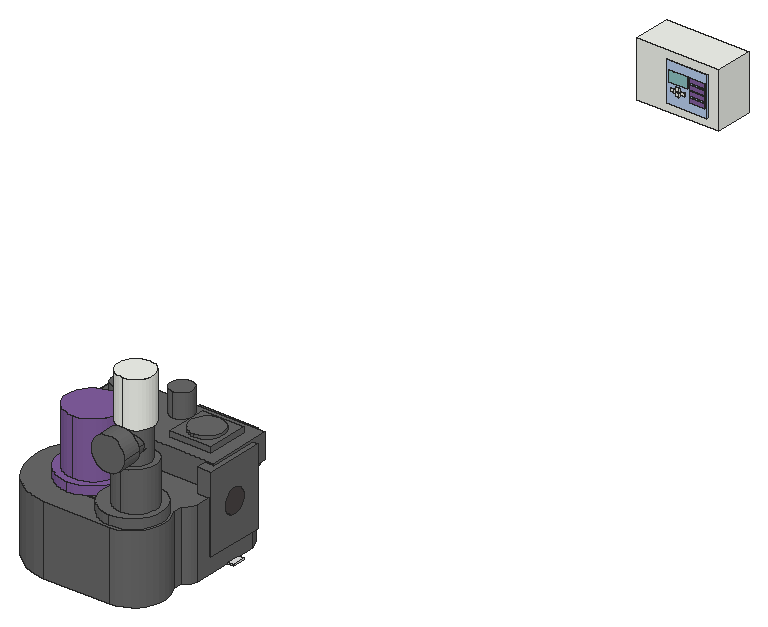
Revit family "28753", category Generic Models, Revit 2021
Family settings
  Can host rebar = No
  Round Connector Dimension = Use Diameter
  Part Type = Normal
  Work Plane-Based = No
  Always vertical = Yes
  Cut with Voids When Loaded = No
  Shared = Yes
  Room Calculation Point = No
Parameters (values of type "28753")
  SUPPLIER = "KESSEL"
  SA700ID50 = "intern"
  SA700ID49 = "Protection Class I"
  SA700ID48 = "no"
  SA700ID47 = "no"
  SA700ID46 = "yes"
  SA700ID37 = 8000 mm
  SA700ID34 = 40
  SA700ID33 = 1.4 W
  SA700ID32 = 42.00 kg
  SA700ID31 = 1
  SA700ID30 = 1
  SA700ID29 = "RWDR"
  SA700ID21 = 800
  SA700ID10 = "yes"
  SA700ID08 = 400 V
  PROCUREWEBLINK = "https://p.caden.as/kessel/28753"
  PROCURELINK = "p.caden.as/kessel/28753"
  PROCUREDATALASTUPDATE = "2024-05-22T12:17:46.717436968+01:00"
  PRC_SPECIFICATIONLINK = "https://ausschreiben.de/catalog/kessel/catalogItem/0d1bab02-330d-4be1-b0ce-ac182ae1252e"
  NN = "Lifting station Aqualift F"
  NBSYN = "$SA810ID03."
  NB = "28753"
  Model = "28753"
  Manufacturer = "KESSEL"
  MIdent = "{$CADENAS_DATA/23d-libs/kessel/kessel_vdi_import/4/entwaesserung/hebeanlage20aqualift20f.prj},198 {STYP=ASS},{VTYP=3D},{NB=28753},{LINA=28753},{NN=Lifting station Aqualift F},{DATE=21.11.2022 10:45:45},{GEOMDATE=21.11.2022 10:45:45},{VERSION=},{LINEID=290},{WBVAR=LODLEVEL},{WBNUMERIC=LODLEVEL}  {NB=28753},{LINA=28753},{KT=DUMMY},{PREVIEW=../../bilder/ksb_w_28753.png},{SA700ID04=Hebeanlage Aqualift F, Mono, Comfort, SPF 1500-S3, Schieber},{SA810ID06=04026092054536},{SA700ID34=40.00},{SA010ID03=201805},{SA810ID03=28753},{SA810ID10=Die Hebeanlage für fäkalienhaltiges und fäkalienfreies Abwasser ist mit einer überflutbaren Pumpe sowie einem Rückflussverhinderer ausgestattet. Der Sammelbehälter aus dauerhaft beständigem Kunststoff (PE) bietet universale Anschlussmöglichkeiten und hat eine verschraubte Reinigungsöffnung.Die Steuerung erfolgt durch ein anwenderfreundliches Schaltgerät, das optional über einen potentialfreien Kontakt in die Gebäudeleittechnik eingebunden werden oder Alarm- und Sammelstörmeldungen über eine GSM-Schnittstelle (Comfort Schaltgerät) ausgeben kann.Ausführung:Absperreinrichtung: Schieber aus KunststoffAnlagenart: EinzelanlagePumpensteuerung: SchaltgerätRückflussverhinderer: integriertSchalldämmmatte: jaEinbausituation: freie AufstellungAbwasserart: fäkalienhaltigAllgemeine Merkmale:Farbe: schwarzNorm: EN 12050-1Abmessungen:Länge: 564 mmBreite: 525 mmHöhe: 664 mmBehälter/Grundkörper:Zulauf Anzahl: 1 STZulauf Nennweite (DN): 100 mmZulauf Nennweite (DA): 110 mmZulauf max. Anbohrung (DN): 150 mmAbstand Rohrsohle Zulauf zu Behälterboden: 125 mmAbstand Rohrmitte Auslauf zu Behälterboden: 466 mmAbstand Rohrmitte Zulauf zu Behälterboden: 180 mmAnschluss für Handmembranpumpe (DN): 32Behältervolumen: 50 lDruckabgang: waagerechtDruckabgang (DA): 110 mmDruckabgang (DN): 100 mmEntlüftungsanschluss (DN): 70 mmNutzvolumen: 20 lFreier Kugeldurchgang: 40 mmFördereinrichtung:Pumpe: SPF 1500Anzahl Pumpen: 1Förderhöhe max.: 8 mFörderleistung max.: 40 m3/hBetriebsart: S3 - 50 %Leistung P1: 1,4 kWLeistung P2: 1,1 kWDrehzahl: 1.415 U/minFörderguttemperatur (dauerhaft) max.: 40 °CAnschlusstyp: DirektanschlussGewicht: 24 kgLaufrad Typ: FreistromradLänge Netzanschlussleitung Pumpe: 5 mNennstrom: 2,7 ASchutzart Pumpe: IP 68 (3m/48h)Schutzklasse: ITyp Anschlussleitung Pumpe: H07RN-F 7G 1,5 mm2Temperaturüberwachung: integriertSteuerung:Schaltgerät: ComfortBetriebsspannung: 400 VNetzfrequenz: 50 HzSelbstdiagnosesystem (SDS): jaBatteriepufferung: jaMehrzeilige Displayanzeige: jaLogbuchfunktion: jaGSM-Schnittstelle: jaPotentialfreier Kontakt: jaErforderliche Absicherung (Leitungsschutz): 3 x C 16 AMotorschutz Schalter: jaSchutzart Schaltgerät: IP 54Länge Netzanschlussleitung Schaltgerät: 0 mArt Niveauerfassung: pneumatischInstrument Niveauerfassung: TauchrohrAlarmgeber: Tauchrohr},{SA700ID37=8.00},{SA700ID33=1.40},{SA700ID08=400},{SA700ID30=1},{SA700ID32=42.00},{SA700ID49=Schutzklasse I},{SA700ID50=intern},{SA200ID03=6},{SA250ID03=vertikal},{SA260ID03=Trockenläuferpumpe},{SA350ID03=normalansaugend},{SA400ID03=E-Motor für Drehstrom},{SA460ID03=direkt},{SA500ID03=Kunststoff, Edelstahl},{SA700ID06=100},{SA700ID07=100},{SA700ID09=3/N/PE 400V},{SA700ID10=Ja},{SA700ID11=50},{SA700ID12=IP 68},{SA700ID13=F},{SA700ID15=40},{SA700ID21=800.00},{SA700ID22=1.10},{SA700ID23=1415},{SA700ID24=1415},{SA700ID26=2.70},{SA700ID27=21.00},{SA700ID28=durchgehend},{SA700ID29=RWDR},{SA700ID31=1},{SA700ID46=ja},{SA700ID47=nein},{SA700ID48=nein},{SA110ID04=Hebeanlage Aqualift F},{SA300ID03=einstufig},{SA700ID44=10.00},{SA700ID45=10.00},{SA010ID04=KESSEL AG},{LODLEVEL=200},{LINK=https://www.kessel.de/info?han=28753},{SA970ID01=970},{SA970ID02=7009},{SA970ID03=28753},{SA970ID04=11002617},{SA970ID05=QUAD},{SA970ID06=-285.5100098},{SA970ID07=-502},{SA970ID08=0},{SA970ID09=1},{SA970ID10=0},{SA970ID11=0},{SA970ID12=0},{SA970ID13=1},{SA970ID14=0},{SA970ID15=560},{SA970ID16=647},{SA970ID17=675},{LODLEVEL_=200,'Low'},{LODLEVEL_DEU=200,'Low'},{LINK_=https://www.kessel.de/info?han=28753},{LINK_DEU=https://www.kessel.de/info?han=28753},{LODLEVEL_3DB=28753_200},{DNIN1=100},{DNIN2=70},{DNIN3=10},{DNIN4=50},{DNIN5=MIN},{DNIN6=MIN},{DNIN7=MIN},{DNIN8=MIN},{DNIN9=MIN},{DNOUT1=100},{DNOUT2=70},{DNOUT3=32},{ISDIN1=75},{ISDIN2=10.000},{ISDIN3=10},{ISDOUT1=70.000},{ISDOUT2=79.500},{ISDOUT3=75},{SA010ID01=010},{SA010ID02=4},{SA010ID06=www.kessel.de},{SA010ID07=www.kessel.de},{SA010ID12=20180713},{SA010ID13=DEU},{SA010ID14=DE},{SA100ID01=100},{SA100ID02=4},{SA100ID04=Entwässerung},{SA110ID01=110},{SA110ID02=4},{SA200ID01=200},{SA200ID02=6},{SA250ID01=250},{SA250ID02=2},{SA260ID01=260},{SA260ID02=2},{SA300ID01=300},{SA300ID02=1},{SA350ID01=350},{SA350ID02=1},{SA400ID01=400},{SA400ID02=2},{SA460ID01=460},{SA460ID02=1},{SA500ID01=500},{SA500ID02=1},{SA700ID01=700},{SA700ID02=21},{SA700ID10_=1},{SA700ID16=0},{SA700ID25=0},{SA700ID46_=1},{SA700ID47_=0},{SA700ID48_=0},{SA700ID49_=1},{SA700ID50_=2},{SA800ID01=800},{SA800ID02=21},{SA810ID01=810},{SA810ID02=21},{SA810ID04=28753},{SA810ID07=21},{SA810ID09=1},{SA810ID14=PCE},{SA810ID15=1},{SA810ID16=NMP},{SA960ID03=21},{SA960ID04=3L},{SA960ID08=https://www.kessel.de/info?han=28753},{SA010ID08=4026092000007},{SA100ID05=Hebeanlage},{SA110ID06=Hebeanlage}"
  LINK = "https://www.kessel.de/info?han=28753"
  LINA = "28753"
  Default Elevation = 0 mm
  CREATOR = "CADENAS GmbH"
  CATALOG = "KESSEL"
  BOMINFO = "LINA"
  ARTICLENO = "NB"
  4.810.00.9 Order quantity (multiplicator) = "1"
  4.810.00.7 Media- connection number = "21"
  4.810.00.6 GTIN number = "04026092054536"
  4.810.00.4 DATANORM number = "28753"
  4.810.00.3 Producer order number = "28753"
  4.710.03.7 Mass (net) = 42.00 kg
  4.710.03.6 Height = 664 mm
  4.710.03.5 Width = 525 mm
  4.710.03.4 Length = 564 mm
  4.710.03.3 Type of dimensions = "2"
  4.710.02.8 Area of application of wastewater pump = "1"
  4.710.02.7 Art des S2/S3-Betriebs = "50 %"
  4.710.02.6 Duty type = "S3"
  4.710.02.5 Cutting device = "0"
  4.710.02.4 Attached pump control = "1"
  4.710.02.3 Free passage = 40 mm
  4.710.01.6 Option to connect to building automation = "40"
  4.710.01.5 Load regulation = "0"
  4.710.01.4 Designation of closed-loop control = "20"
  4.710.01.3 Identifier for closed-loop control = "50"
  4.700.00.9 Voltage = 0
  4.700.00.8 Nominal connection size on suction side = "100"
  4.700.00.7 Nominal connection size on pressure side = "100"
  4.700.00.6 Type of connection = "100"
  4.700.00.4 Product indentification = "Hebeanlage Aqualift F, Mono, Comfort, SPF 1500-S3, Schieber"
  4.700.00.28 Motor pump shaft = "durchgehend"
  4.700.00.27 Starting current = 21
  4.700.00.26 Maximum power consumption per pump / drive = 2.7
  4.700.00.25 Minimum speed at internal speed adjustment = 0
  4.700.00.24 Nominal speed / maximum speed n = 23.5833
  4.700.00.23 Nominal speed of motor = 23.5833
  4.700.00.22 Maximum shaft output (P2) per pump/drive = 1.1 W
  4.700.00.16 Maximum temperature of pumped medium = 0 °C
  4.700.00.15 Increased safety class = "40 °C"
  4.700.00.13 Type of protection = "F"
  4.700.00.12 Frequency = 0
  4.700.00.11 Stern-/Dreieck-Anlaufschaltung bei Dreiphasenanschluss oder Drehstrom = "50 Hz"
  4.700.00.10 Phase = "1"
  4.500.00.3 Variant / Variant type / Accessories-name = "Kunststoff, Edelstahl"
  4.460.00.3 Variant / Variant type / Accessories-name = "direkt"
  4.400.00.3 Variant / Variant type / Accessories-name = "E-Motor für Drehstrom"
  4.350.00.3 Variant / Variant type / Accessories-name = "normalansaugend"
  4.300.00.3 Variant / Variant type / Accessories-name = "einstufig"
  4.260.00.3 Variant / Variant type / Accessories-name = "Trockenläuferpumpe"
  4.250.00.3 Variant / Variant type / Accessories-name = "vertikal"
  4.200.00.3 Variant / Variant type / Accessories-name = "6"
  4.110.00.6 Product classification = "Hebeanlage"
  4.110.00.4 Product indentification = "Hebeanlage Aqualift F"
  4.100.00.5 Main groups of wares = "Hebeanlage"
  4.100.00.4 Product indentification = "Entwässerung"
  4.010.00.8 Producer ID number = "4026092000007"
  4.010.00.7 Comment = "www.kessel.de"
  4.010.00.6 Web address of the manufacturer = "www.kessel.de"
  4.010.00.4 Manufacturer name = "KESSEL AG"
  4.010.00.3 Date of issuance (month) of guideline = "201805"
  4.010.00.2 Sheet number of the guideline = "4"
  4.010.00.14 Kennungen der Projektländer, für die die Datei gültig ist = "DE"
  4.010.00.13 Sprache der Datei = "DEU"
  4.010.00.12 Stand des Herstellerkatalogs = "20180713"
Reference planes
  plane 1 "Center (Front/Back)": y = 0
  plane 2: z = 0
  plane 3 "Center (Left/Right)": x = 0
Dimensions and locks
  aligned and locked: level to plane 2
Nested families
  nested 1: "28753_content" at (0, 0, 0), type "28753_Content"
  nested 2: "28753_part1_X0Y0" at (1000, 1000, 1200), type "28753_PART1_X0Y0"
  nested 3: "28753_part2_X0Y0" at (0, 0, 0), type "28753_PART2_X0Y0"
Connectors
  electrical at (911, 934.75, 1201.5)
    settings: on nested 2, index 1, voltage 0 V, apparent load 0 VA, apparent load phase1 0 VA, apparent load phase2 0 VA, apparent load phase3 0 VA, power factor 1, load classification "Other", number of poles 1, system type 31, power factor state 1, is connector primary yes, connector utility no, sub classification motor no, connector description ""
  piping at (105.4, 145, 181), diameter 100
    settings: on nested 3, index 2, connector inside diameter 609.6 mm, connector length 0 mm, flow factor 0, pipe flow 0.0 L/s, pressure drop 0.0 Pa, fitting loss kfactor 0, connector angle 0.00°, fixture units 0, engagement length 0 mm, angle of deflection 0.00°, flow configuration 0, flow direction 1, fitting loss method 2, system type 29, joint type 0, gender type 0, connector reference index -1, connector utility 0, adjustable connector no, is connector primary yes, connector description ""
  piping at (261, -99.998, 186), diameter 70
    settings: on nested 3, index 3, connector inside diameter 609.6 mm, connector length 0 mm, flow factor 0, pipe flow 0.0 L/s, pressure drop 0.0 Pa, fitting loss kfactor 0, connector angle 0.00°, fixture units 0, engagement length 0 mm, angle of deflection 0.00°, flow configuration 0, flow direction 0, fitting loss method 2, system type 29, joint type 0, gender type 0, connector reference index -1, connector utility 0, adjustable connector no, is connector primary no, connector description ""
  piping at (0, 0, 401), diameter 70
    settings: on nested 3, index 4, connector inside diameter 609.6 mm, connector length 0 mm, flow factor 0, pipe flow 0.0 L/s, pressure drop 0.0 Pa, fitting loss kfactor 0, connector angle 0.00°, fixture units 0, engagement length 0 mm, angle of deflection 0.00°, flow configuration 0, flow direction 2, fitting loss method 2, system type 29, joint type 0, gender type 0, connector reference index -1, connector utility 0, adjustable connector no, is connector primary no, connector description ""
  piping at (150.4, -502, 467), diameter 100
    settings: on nested 3, index 5, connector inside diameter 609.6 mm, connector length 0 mm, flow factor 0, pipe flow 0.0 L/s, pressure drop 0.0 Pa, fitting loss kfactor 0, connector angle 0.00°, fixture units 0, engagement length 0 mm, angle of deflection 0.00°, flow configuration 0, flow direction 2, fitting loss method 2, system type 29, joint type 0, gender type 0, connector reference index -1, connector utility 0, adjustable connector no, is connector primary no, connector description ""
  piping at (105.4, 145, 81), diameter 32
    settings: on nested 3, index 6, connector inside diameter 609.6 mm, connector length 0 mm, flow factor 0, pipe flow 0.0 L/s, pressure drop 0.0 Pa, fitting loss kfactor 0, connector angle 0.00°, fixture units 0, engagement length 0 mm, angle of deflection 0.00°, flow configuration 0, flow direction 2, fitting loss method 2, system type 29, joint type 0, gender type 0, connector reference index -1, connector utility 0, adjustable connector no, is connector primary no, connector description ""
  electrical at (-65, -299.8, 457)
    settings: on nested 3, index 7, voltage 0 V, apparent load 0 VA, apparent load phase1 0 VA, apparent load phase2 0 VA, apparent load phase3 0 VA, power factor 1, load classification "Other", number of poles 3, system type 31, power factor state 1, is connector primary no, connector utility no, sub classification motor no, connector description ""
  electrical at (-165.999, -46, 376.6)
    settings: on nested 3, index 8, voltage 0 V, apparent load 0 VA, apparent load phase1 0 VA, apparent load phase2 0 VA, apparent load phase3 0 VA, power factor 1, load classification "Other", number of poles 1, system type 31, power factor state 1, is connector primary no, connector utility no, sub classification motor no, connector description ""
Definition of nested family "28753_part1_X0Y0"
  Parameters (values of type "28753_PART1_X0Y0")
    SUPPLIER = "KESSEL"
    SA700ID50 = "intern"
    SA700ID49 = "Protection Class I"
    SA700ID48 = "no"
    SA700ID47 = "no"
    SA700ID46 = "yes"
    SA700ID37 = 8000 mm
    SA700ID34 = 40
    SA700ID33 = 1.4 W
    SA700ID32 = 42.00 kg
    SA700ID31 = 1
    SA700ID30 = 1
    SA700ID29 = "RWDR"
    SA700ID21 = 800
    SA700ID10 = "yes"
    SA700ID08 = 400 V
    NBSYN = "$SA810ID03._PART1"
    NB = "28753_PART1"
    Model = "28753_PART1"
    Manufacturer = "KESSEL"
    MIdent = "{$CADENAS_DATA/23d-libs/kessel/kessel_vdi_import/4/entwaesserung/hebeanlage20aqualift20f.prj},218 {VTYP=3D},{NB=28753_PART1},{LINA=28753_PART1},{NN=Lifting station Aqualift F_PART1},{NOPRJ=TRUE},{DATE=21.11.2022 10:45:45},{GEOMDATE=21.11.2022 10:45:45},{VERSION=},{LINEID=290},{WBVAR=LODLEVEL},{WBNUMERIC=LODLEVEL}  {NB=28753_PART1},{LINA=28753_PART1},{KT=DUMMY},{PREVIEW=../../bilder/ksb_w_28753.png},{SA700ID04=Hebeanlage Aqualift F, Mono, Comfort, SPF 1500-S3, Schieber},{SA810ID06=04026092054536},{SA700ID34=40.00},{SA010ID03=201805},{SA810ID03=28753},{SA810ID10=Die Hebeanlage für fäkalienhaltiges und fäkalienfreies Abwasser ist mit einer überflutbaren Pumpe sowie einem Rückflussverhinderer ausgestattet. Der Sammelbehälter aus dauerhaft beständigem Kunststoff (PE) bietet universale Anschlussmöglichkeiten und hat eine verschraubte Reinigungsöffnung.Die Steuerung erfolgt durch ein anwenderfreundliches Schaltgerät, das optional über einen potentialfreien Kontakt in die Gebäudeleittechnik eingebunden werden oder Alarm- und Sammelstörmeldungen über eine GSM-Schnittstelle (Comfort Schaltgerät) ausgeben kann.Ausführung:Absperreinrichtung: Schieber aus KunststoffAnlagenart: EinzelanlagePumpensteuerung: SchaltgerätRückflussverhinderer: integriertSchalldämmmatte: jaEinbausituation: freie AufstellungAbwasserart: fäkalienhaltigAllgemeine Merkmale:Farbe: schwarzNorm: EN 12050-1Abmessungen:Länge: 564 mmBreite: 525 mmHöhe: 664 mmBehälter/Grundkörper:Zulauf Anzahl: 1 STZulauf Nennweite (DN): 100 mmZulauf Nennweite (DA): 110 mmZulauf max. Anbohrung (DN): 150 mmAbstand Rohrsohle Zulauf zu Behälterboden: 125 mmAbstand Rohrmitte Auslauf zu Behälterboden: 466 mmAbstand Rohrmitte Zulauf zu Behälterboden: 180 mmAnschluss für Handmembranpumpe (DN): 32Behältervolumen: 50 lDruckabgang: waagerechtDruckabgang (DA): 110 mmDruckabgang (DN): 100 mmEntlüftungsanschluss (DN): 70 mmNutzvolumen: 20 lFreier Kugeldurchgang: 40 mmFördereinrichtung:Pumpe: SPF 1500Anzahl Pumpen: 1Förderhöhe max.: 8 mFörderleistung max.: 40 m3/hBetriebsart: S3 - 50 %Leistung P1: 1,4 kWLeistung P2: 1,1 kWDrehzahl: 1.415 U/minFörderguttemperatur (dauerhaft) max.: 40 °CAnschlusstyp: DirektanschlussGewicht: 24 kgLaufrad Typ: FreistromradLänge Netzanschlussleitung Pumpe: 5 mNennstrom: 2,7 ASchutzart Pumpe: IP 68 (3m/48h)Schutzklasse: ITyp Anschlussleitung Pumpe: H07RN-F 7G 1,5 mm2Temperaturüberwachung: integriertSteuerung:Schaltgerät: ComfortBetriebsspannung: 400 VNetzfrequenz: 50 HzSelbstdiagnosesystem (SDS): jaBatteriepufferung: jaMehrzeilige Displayanzeige: jaLogbuchfunktion: jaGSM-Schnittstelle: jaPotentialfreier Kontakt: jaErforderliche Absicherung (Leitungsschutz): 3 x C 16 AMotorschutz Schalter: jaSchutzart Schaltgerät: IP 54Länge Netzanschlussleitung Schaltgerät: 0 mArt Niveauerfassung: pneumatischInstrument Niveauerfassung: TauchrohrAlarmgeber: Tauchrohr},{SA700ID37=8.00},{SA700ID33=1.40},{SA700ID08=400},{SA700ID30=1},{SA700ID32=42.00},{SA700ID49=Schutzklasse I},{SA700ID50=intern},{SA200ID03=6},{SA250ID03=vertikal},{SA260ID03=Trockenläuferpumpe},{SA350ID03=normalansaugend},{SA400ID03=E-Motor für Drehstrom},{SA460ID03=direkt},{SA500ID03=Kunststoff, Edelstahl},{SA700ID06=100},{SA700ID07=100},{SA700ID09=3/N/PE 400V},{SA700ID10=Ja},{SA700ID11=50},{SA700ID12=IP 68},{SA700ID13=F},{SA700ID15=40},{SA700ID21=800.00},{SA700ID22=1.10},{SA700ID23=1415},{SA700ID24=1415},{SA700ID26=2.70},{SA700ID27=21.00},{SA700ID28=durchgehend},{SA700ID29=RWDR},{SA700ID31=1},{SA700ID46=ja},{SA700ID47=nein},{SA700ID48=nein},{SA110ID04=Hebeanlage Aqualift F},{SA300ID03=einstufig},{SA700ID44=10.00},{SA700ID45=10.00},{SA010ID04=KESSEL AG},{LODLEVEL=200},{LINK=https://www.kessel.de/info?han=28753},{SA970ID01=970},{SA970ID02=7009},{SA970ID03=28753},{SA970ID04=11002617},{SA970ID05=QUAD},{SA970ID06=-285.5100098},{SA970ID07=-502},{SA970ID08=0},{SA970ID09=1},{SA970ID10=0},{SA970ID11=0},{SA970ID12=0},{SA970ID13=1},{SA970ID14=0},{SA970ID15=560},{SA970ID16=647},{SA970ID17=675},{LODLEVEL_=200,'Low'},{LODLEVEL_DEU=200,'Low'},{LINK_=https://www.kessel.de/info?han=28753},{LINK_DEU=https://www.kessel.de/info?han=28753},{LODLEVEL_3DB=28753_200},{DNIN1=100},{DNIN2=70},{DNIN3=10},{DNIN4=50},{DNIN5=MIN},{DNIN6=MIN},{DNIN7=MIN},{DNIN8=MIN},{DNIN9=MIN},{DNOUT1=100},{DNOUT2=70},{DNOUT3=32},{ISDIN1=75},{ISDIN2=10.000},{ISDIN3=10},{ISDOUT1=70.000},{ISDOUT2=79.500},{ISDOUT3=75},{SA010ID01=010},{SA010ID02=4},{SA010ID06=www.kessel.de},{SA010ID07=www.kessel.de},{SA010ID12=20180713},{SA010ID13=DEU},{SA010ID14=DE},{SA100ID01=100},{SA100ID02=4},{SA100ID04=Entwässerung},{SA110ID01=110},{SA110ID02=4},{SA200ID01=200},{SA200ID02=6},{SA250ID01=250},{SA250ID02=2},{SA260ID01=260},{SA260ID02=2},{SA300ID01=300},{SA300ID02=1},{SA350ID01=350},{SA350ID02=1},{SA400ID01=400},{SA400ID02=2},{SA460ID01=460},{SA460ID02=1},{SA500ID01=500},{SA500ID02=1},{SA700ID01=700},{SA700ID02=21},{SA700ID10_=1},{SA700ID16=0},{SA700ID25=0},{SA700ID46_=1},{SA700ID47_=0},{SA700ID48_=0},{SA700ID49_=1},{SA700ID50_=2},{SA800ID01=800},{SA800ID02=21},{SA810ID01=810},{SA810ID02=21},{SA810ID04=28753},{SA810ID07=21},{SA810ID09=1},{SA810ID14=PCE},{SA810ID15=1},{SA810ID16=NMP},{SA960ID03=21},{SA960ID04=3L},{SA960ID08=https://www.kessel.de/info?han=28753},{SA010ID08=4026092000007},{SA100ID05=Hebeanlage},{SA110ID06=Hebeanlage}"
    LINK = "https://www.kessel.de/info?han=28753"
    LINA = "28753_PART1"
    Default Elevation = 1219.2 mm
    CREATOR = "CADENAS GmbH"
    CATALOG = "KESSEL"
    BOMINFO = "LINA"
    ARTICLENO = "NB"
    4.810.00.9 Order quantity (multiplicator) = "1"
    4.810.00.7 Media- connection number = "21"
    4.810.00.6 GTIN number = "04026092054536"
    4.810.00.4 DATANORM number = "28753"
    4.810.00.3 Producer order number = "28753"
    4.710.03.7 Mass (net) = 42.00 kg
    4.710.03.6 Height = 664 mm
    4.710.03.5 Width = 525 mm
    4.710.03.4 Length = 564 mm
    4.710.03.3 Type of dimensions = "2"
    4.710.02.8 Area of application of wastewater pump = "1"
    4.710.02.7 Art des S2/S3-Betriebs = "50 %"
    4.710.02.6 Duty type = "S3"
    4.710.02.5 Cutting device = "0"
    4.710.02.4 Attached pump control = "1"
    4.710.02.3 Free passage = 40 mm
    4.710.01.6 Option to connect to building automation = "40"
    4.710.01.5 Load regulation = "0"
    4.710.01.4 Designation of closed-loop control = "20"
    4.710.01.3 Identifier for closed-loop control = "50"
    4.700.00.9 Voltage = 0
    4.700.00.8 Nominal connection size on suction side = "100"
    4.700.00.7 Nominal connection size on pressure side = "100"
    4.700.00.6 Type of connection = "100"
    4.700.00.4 Product indentification = "Hebeanlage Aqualift F, Mono, Comfort, SPF 1500-S3, Schieber"
    4.700.00.28 Motor pump shaft = "durchgehend"
    4.700.00.27 Starting current = 21
    4.700.00.26 Maximum power consumption per pump / drive = 2.7
    4.700.00.25 Minimum speed at internal speed adjustment = 0
    4.700.00.24 Nominal speed / maximum speed n = 23.5833
    4.700.00.23 Nominal speed of motor = 23.5833
    4.700.00.22 Maximum shaft output (P2) per pump/drive = 1.1 W
    4.700.00.16 Maximum temperature of pumped medium = 0 °C
    4.700.00.15 Increased safety class = "40 °C"
    4.700.00.13 Type of protection = "F"
    4.700.00.12 Frequency = 0
    4.700.00.11 Stern-/Dreieck-Anlaufschaltung bei Dreiphasenanschluss oder Drehstrom = "50 Hz"
    4.700.00.10 Phase = "1"
    4.500.00.3 Variant / Variant type / Accessories-name = "Kunststoff, Edelstahl"
    4.460.00.3 Variant / Variant type / Accessories-name = "direkt"
    4.400.00.3 Variant / Variant type / Accessories-name = "E-Motor für Drehstrom"
    4.350.00.3 Variant / Variant type / Accessories-name = "normalansaugend"
    4.300.00.3 Variant / Variant type / Accessories-name = "einstufig"
    4.260.00.3 Variant / Variant type / Accessories-name = "Trockenläuferpumpe"
    4.250.00.3 Variant / Variant type / Accessories-name = "vertikal"
    4.200.00.3 Variant / Variant type / Accessories-name = "6"
    4.110.00.6 Product classification = "Hebeanlage"
    4.110.00.4 Product indentification = "Hebeanlage Aqualift F"
    4.100.00.5 Main groups of wares = "Hebeanlage"
    4.100.00.4 Product indentification = "Entwässerung"
    4.010.00.8 Producer ID number = "4026092000007"
    4.010.00.7 Comment = "www.kessel.de"
    4.010.00.6 Web address of the manufacturer = "www.kessel.de"
    4.010.00.4 Manufacturer name = "KESSEL AG"
    4.010.00.3 Date of issuance (month) of guideline = "201805"
    4.010.00.2 Sheet number of the guideline = "4"
    4.010.00.14 Kennungen der Projektländer, für die die Datei gültig ist = "DE"
    4.010.00.13 Sprache der Datei = "DEU"
    4.010.00.12 Stand des Herstellerkatalogs = "20180713"
  Reference planes
    plane 1 "Center (Front/Back)": y = 0
    plane 2: z = 0
    plane 3 "Center (Left/Right)": x = 0
  Dimensions and locks
    aligned and locked: level to plane 2
  Nested families
    nested 1: "28753_part1_content" at (0, 0, 0), type "28753_PART1_Content"
  Definition of nested family "28753_part1_content"
    Parameters (values of type "28753_PART1_Content")
      SUPPLIER = "KESSEL"
      SA700ID50 = "intern"
      SA700ID49 = "Protection Class I"
      SA700ID48 = "no"
      SA700ID47 = "no"
      SA700ID46 = "yes"
      SA700ID37 = 8000 mm
      SA700ID34 = 40
      SA700ID33 = 1.4 W
      SA700ID32 = 42.00 kg
      SA700ID31 = 1
      SA700ID30 = 1
      SA700ID29 = "RWDR"
      SA700ID21 = 800
      SA700ID10 = "yes"
      SA700ID08 = 400 V
      NBSYN = "$SA810ID03._PART1"
      NB = "28753_PART1"
      Model = "28753_PART1"
      Manufacturer = "KESSEL"
      LINK = "https://www.kessel.de/info?han=28753"
      LINA = "28753_PART1"
      Default Elevation = 1219.2 mm
      CREATOR = "CADENAS GmbH"
      CATALOG = "KESSEL"
      BOMINFO = "LINA"
      ARTICLENO = "NB"
      4.810.00.9 Order quantity (multiplicator) = "1"
      4.810.00.7 Media- connection number = "21"
      4.810.00.6 GTIN number = "04026092054536"
      4.810.00.4 DATANORM number = "28753"
      4.810.00.3 Producer order number = "28753"
      4.710.03.7 Mass (net) = 42.00 kg
      4.710.03.6 Height = 664 mm
      4.710.03.5 Width = 525 mm
      4.710.03.4 Length = 564 mm
      4.710.03.3 Type of dimensions = "2"
      4.710.02.8 Area of application of wastewater pump = "1"
      4.710.02.7 Art des S2/S3-Betriebs = "50 %"
      4.710.02.6 Duty type = "S3"
      4.710.02.5 Cutting device = "0"
      4.710.02.4 Attached pump control = "1"
      4.710.02.3 Free passage = 40 mm
      4.710.01.6 Option to connect to building automation = "40"
      4.710.01.5 Load regulation = "0"
      4.710.01.4 Designation of closed-loop control = "20"
      4.710.01.3 Identifier for closed-loop control = "50"
      4.700.00.9 Voltage = 0
      4.700.00.8 Nominal connection size on suction side = "100"
      4.700.00.7 Nominal connection size on pressure side = "100"
      4.700.00.6 Type of connection = "100"
      4.700.00.4 Product indentification = "Hebeanlage Aqualift F, Mono, Comfort, SPF 1500-S3, Schieber"
      4.700.00.28 Motor pump shaft = "durchgehend"
      4.700.00.27 Starting current = 21
      4.700.00.26 Maximum power consumption per pump / drive = 2.7
      4.700.00.25 Minimum speed at internal speed adjustment = 0
      4.700.00.24 Nominal speed / maximum speed n = 23.5833
      4.700.00.23 Nominal speed of motor = 23.5833
      4.700.00.22 Maximum shaft output (P2) per pump/drive = 1.1 W
      4.700.00.16 Maximum temperature of pumped medium = 0 °C
      4.700.00.15 Increased safety class = "40 °C"
      4.700.00.13 Type of protection = "F"
      4.700.00.12 Frequency = 0
      4.700.00.11 Stern-/Dreieck-Anlaufschaltung bei Dreiphasenanschluss oder Drehstrom = "50 Hz"
      4.700.00.10 Phase = "1"
      4.500.00.3 Variant / Variant type / Accessories-name = "Kunststoff, Edelstahl"
      4.460.00.3 Variant / Variant type / Accessories-name = "direkt"
      4.400.00.3 Variant / Variant type / Accessories-name = "E-Motor für Drehstrom"
      4.350.00.3 Variant / Variant type / Accessories-name = "normalansaugend"
      4.300.00.3 Variant / Variant type / Accessories-name = "einstufig"
      4.260.00.3 Variant / Variant type / Accessories-name = "Trockenläuferpumpe"
      4.250.00.3 Variant / Variant type / Accessories-name = "vertikal"
      4.200.00.3 Variant / Variant type / Accessories-name = "6"
      4.110.00.6 Product classification = "Hebeanlage"
      4.110.00.4 Product indentification = "Hebeanlage Aqualift F"
      4.100.00.5 Main groups of wares = "Hebeanlage"
      4.100.00.4 Product indentification = "Entwässerung"
      4.010.00.8 Producer ID number = "4026092000007"
      4.010.00.7 Comment = "www.kessel.de"
      4.010.00.6 Web address of the manufacturer = "www.kessel.de"
      4.010.00.4 Manufacturer name = "KESSEL AG"
      4.010.00.3 Date of issuance (month) of guideline = "201805"
      4.010.00.2 Sheet number of the guideline = "4"
      4.010.00.14 Kennungen der Projektländer, für die die Datei gültig ist = "DE"
      4.010.00.13 Sprache der Datei = "DEU"
      4.010.00.12 Stand des Herstellerkatalogs = "20180713"
    Reference planes
      plane 1 "Center (Front/Back)": y = 0
      plane 2: z = 0
      plane 3 "Center (Left/Right)": x = 0
    Forms (mm)
      Extrusion 1, solid, detail levels medium+fine
        sketch origin (139, 0, 0.2) x (0, -1, 0) y (0, 0, 1)
          loop
            line (0, 187.8) -> (0, 0) -> (127.75, 0) -> (127.75, 187.8) -> (0, 187.8)
        from 0 to 278
      Extrusion 2, solid, detail levels medium+fine
        sketch origin (101, -127.75, 26.5) x (0, -1, 0) y (0, 0, 1)
          loop
            line (-1.2, 134.8) -> (-1.2, 0) -> (0.25, 0) -> (0.25, 134.8) -> (-1.2, 134.8)
        from 0 to 139.9
      Extrusion 3, solid, detail levels medium+fine
        sketch origin (22.75, -128, 66) x (0, -1, 0) y (0, 0, 1)
          loop
            line (-1, 12) -> (-1, 0) -> (0.5, 0) -> (0.5, 12) -> (-1, 12)
        from 0 to 12
      Extrusion 4, solid, detail levels medium+fine
        sketch origin (34.65, -128, 93.4) x (0, -1, 0) y (0, 0, 1)
          loop
            line (-1, 37) -> (-1, 0) -> (0.5, 0) -> (0.5, 37) -> (-1, 37)
        from 0 to 66
      Extrusion 5, solid, detail levels medium+fine
        sketch origin (5.5, -128, 74) x (0, -1, 0) y (0, 0, 1)
          loop
            line (-1, 12) -> (-1, 0) -> (0.5, 0) -> (0.5, 12) -> (-1, 12)
        from 0 to 12
      Extrusion 6, solid, detail levels medium+fine
        sketch origin (93.5, -128, 94.4) x (0, -1, 0) y (0, 0, 1)
          loop
            line (0, 16) -> (0, 0) -> (1.75, 0) -> (1.75, 16) -> (0, 16)
        from 0 to 51
      Extrusion 7, solid, detail levels medium+fine
        sketch origin (93.5, -128, 74.4) x (0, -1, 0) y (0, 0, 1)
          loop
            line (0, 16) -> (0, 0) -> (1.75, 0) -> (1.75, 16) -> (0, 16)
        from 0 to 51
      Extrusion 8, solid, detail levels medium+fine
        sketch origin (5.5, -128, 57.5) x (0, -1, 0) y (0, 0, 1)
          loop
            line (-1, 12) -> (-1, 0) -> (0.5, 0) -> (0.5, 12) -> (-1, 12)
        from 0 to 12
      Extrusion 9, solid, detail levels medium+fine
        sketch origin (93.5, -128, 114.4) x (0, -1, 0) y (0, 0, 1)
          loop
            line (0, 16) -> (0, 0) -> (1.75, 0) -> (1.75, 16) -> (0, 16)
        from 0 to 51
      Extrusion 10, solid, detail levels medium+fine
        sketch origin (93.5, -128, 54.4) x (0, -1, 0) y (0, 0, 1)
          loop
            line (0, 16) -> (0, 0) -> (1.75, 0) -> (1.75, 16) -> (0, 16)
        from 0 to 51
      Extrusion 11, solid, detail levels medium+fine
        sketch origin (-11.75, -128, 66) x (0, -1, 0) y (0, 0, 1)
          loop
            line (-1, 12) -> (-1, 0) -> (0.5, 0) -> (0.5, 12) -> (-1, 12)
        from 0 to 12
      Extrusion 12, solid, detail levels medium+fine
        sketch origin (12, -40.25, 0) x (0, 1, 0) y (-1, 0, 0)
          loop
            circle (0, 0) r 5.25
        from 0 to 1.5
      Extrusion 13, solid, detail levels medium+fine
        sketch origin (27, -70.25, 0) x (0, 1, 0) y (-1, 0, 0)
          loop
            circle (0, 0) r 8
        from 0 to 1.5
      Extrusion 14, solid, detail levels medium+fine
        sketch origin (-44, -65.25, 0) x (0, 1, 0) y (-1, 0, 0)
          loop
            circle (0, 0) r 12.5
        from 0 to 1.5
      Extrusion 15, solid, detail levels medium+fine
        sketch origin (42, -42, 0) x (0, 1, 0) y (-1, 0, 0)
          loop
            circle (0, 0) r 8
        from 0 to 1.5
      Extrusion 16, solid, detail levels medium+fine
        sketch origin (57, -70.25, 0) x (0, 1, 0) y (-1, 0, 0)
          loop
            circle (0, 0) r 8
        from 0 to 1.5
      Extrusion 17, solid, detail levels medium+fine
        sketch origin (72, -42, 0) x (0, 1, 0) y (-1, 0, 0)
          loop
            circle (0, 0) r 8
        from 0 to 1.5
      Extrusion 18, solid, detail levels medium+fine
        sketch origin (87, -70.25, 0) x (0, 1, 0) y (-1, 0, 0)
          loop
            circle (0, 0) r 8
        from 0 to 1.5
      Extrusion 19, solid, detail levels medium+fine
        sketch origin (-89, -65.25, 0) x (0, 1, 0) y (-1, 0, 0)
          loop
            circle (0, 0) r 12.5
        from 0 to 1.5
      Extrusion 20, solid, detail levels medium+fine
        sketch origin (77, -15, 0) x (0, 1, 0) y (-1, 0, 0)
          loop
            circle (0, 0) r 6
        from 0 to 1.5
      Extrusion 21, solid, detail levels medium+fine
        sketch origin (102, -42, 0) x (0, 1, 0) y (-1, 0, 0)
          loop
            circle (0, 0) r 8
        from 0 to 1.5
      Extrusion 22, solid, detail levels coarse
        sketch origin (0, -64.875, 0) x (1, 0, 0) y (0, 1, 0)
          loop
            line (-139, -64.875) -> (139, -64.875) -> (139, 64.875) -> (-139, 64.875) -> (-139, -64.875)
        from 0 to 188
    Dimensions and locks
      aligned and locked: level to plane 2
Definition of nested family "28753_part2_X0Y0"
  Parameters (values of type "28753_PART2_X0Y0")
    SUPPLIER = "KESSEL"
    SA700ID50 = "intern"
    SA700ID49 = "Protection Class I"
    SA700ID48 = "no"
    SA700ID47 = "no"
    SA700ID46 = "yes"
    SA700ID37 = 8000 mm
    SA700ID34 = 40
    SA700ID33 = 1.4 W
    SA700ID32 = 42.00 kg
    SA700ID31 = 1
    SA700ID30 = 1
    SA700ID29 = "RWDR"
    SA700ID21 = 800
    SA700ID10 = "yes"
    SA700ID08 = 400 V
    NBSYN = "$SA810ID03._PART2"
    NB = "28753_PART2"
    Model = "28753_PART2"
    Manufacturer = "KESSEL"
    MIdent = "{$CADENAS_DATA/23d-libs/kessel/kessel_vdi_import/4/entwaesserung/hebeanlage20aqualift20f.prj},218 {VTYP=3D},{NB=28753_PART2},{LINA=28753_PART2},{NN=Lifting station Aqualift F_PART2},{NOPRJ=TRUE},{DATE=21.11.2022 10:45:45},{GEOMDATE=21.11.2022 10:45:45},{VERSION=},{LINEID=290},{WBVAR=LODLEVEL},{WBNUMERIC=LODLEVEL}  {NB=28753_PART2},{LINA=28753_PART2},{KT=DUMMY},{PREVIEW=../../bilder/ksb_w_28753.png},{SA700ID04=Hebeanlage Aqualift F, Mono, Comfort, SPF 1500-S3, Schieber},{SA810ID06=04026092054536},{SA700ID34=40.00},{SA010ID03=201805},{SA810ID03=28753},{SA810ID10=Die Hebeanlage für fäkalienhaltiges und fäkalienfreies Abwasser ist mit einer überflutbaren Pumpe sowie einem Rückflussverhinderer ausgestattet. Der Sammelbehälter aus dauerhaft beständigem Kunststoff (PE) bietet universale Anschlussmöglichkeiten und hat eine verschraubte Reinigungsöffnung.Die Steuerung erfolgt durch ein anwenderfreundliches Schaltgerät, das optional über einen potentialfreien Kontakt in die Gebäudeleittechnik eingebunden werden oder Alarm- und Sammelstörmeldungen über eine GSM-Schnittstelle (Comfort Schaltgerät) ausgeben kann.Ausführung:Absperreinrichtung: Schieber aus KunststoffAnlagenart: EinzelanlagePumpensteuerung: SchaltgerätRückflussverhinderer: integriertSchalldämmmatte: jaEinbausituation: freie AufstellungAbwasserart: fäkalienhaltigAllgemeine Merkmale:Farbe: schwarzNorm: EN 12050-1Abmessungen:Länge: 564 mmBreite: 525 mmHöhe: 664 mmBehälter/Grundkörper:Zulauf Anzahl: 1 STZulauf Nennweite (DN): 100 mmZulauf Nennweite (DA): 110 mmZulauf max. Anbohrung (DN): 150 mmAbstand Rohrsohle Zulauf zu Behälterboden: 125 mmAbstand Rohrmitte Auslauf zu Behälterboden: 466 mmAbstand Rohrmitte Zulauf zu Behälterboden: 180 mmAnschluss für Handmembranpumpe (DN): 32Behältervolumen: 50 lDruckabgang: waagerechtDruckabgang (DA): 110 mmDruckabgang (DN): 100 mmEntlüftungsanschluss (DN): 70 mmNutzvolumen: 20 lFreier Kugeldurchgang: 40 mmFördereinrichtung:Pumpe: SPF 1500Anzahl Pumpen: 1Förderhöhe max.: 8 mFörderleistung max.: 40 m3/hBetriebsart: S3 - 50 %Leistung P1: 1,4 kWLeistung P2: 1,1 kWDrehzahl: 1.415 U/minFörderguttemperatur (dauerhaft) max.: 40 °CAnschlusstyp: DirektanschlussGewicht: 24 kgLaufrad Typ: FreistromradLänge Netzanschlussleitung Pumpe: 5 mNennstrom: 2,7 ASchutzart Pumpe: IP 68 (3m/48h)Schutzklasse: ITyp Anschlussleitung Pumpe: H07RN-F 7G 1,5 mm2Temperaturüberwachung: integriertSteuerung:Schaltgerät: ComfortBetriebsspannung: 400 VNetzfrequenz: 50 HzSelbstdiagnosesystem (SDS): jaBatteriepufferung: jaMehrzeilige Displayanzeige: jaLogbuchfunktion: jaGSM-Schnittstelle: jaPotentialfreier Kontakt: jaErforderliche Absicherung (Leitungsschutz): 3 x C 16 AMotorschutz Schalter: jaSchutzart Schaltgerät: IP 54Länge Netzanschlussleitung Schaltgerät: 0 mArt Niveauerfassung: pneumatischInstrument Niveauerfassung: TauchrohrAlarmgeber: Tauchrohr},{SA700ID37=8.00},{SA700ID33=1.40},{SA700ID08=400},{SA700ID30=1},{SA700ID32=42.00},{SA700ID49=Schutzklasse I},{SA700ID50=intern},{SA200ID03=6},{SA250ID03=vertikal},{SA260ID03=Trockenläuferpumpe},{SA350ID03=normalansaugend},{SA400ID03=E-Motor für Drehstrom},{SA460ID03=direkt},{SA500ID03=Kunststoff, Edelstahl},{SA700ID06=100},{SA700ID07=100},{SA700ID09=3/N/PE 400V},{SA700ID10=Ja},{SA700ID11=50},{SA700ID12=IP 68},{SA700ID13=F},{SA700ID15=40},{SA700ID21=800.00},{SA700ID22=1.10},{SA700ID23=1415},{SA700ID24=1415},{SA700ID26=2.70},{SA700ID27=21.00},{SA700ID28=durchgehend},{SA700ID29=RWDR},{SA700ID31=1},{SA700ID46=ja},{SA700ID47=nein},{SA700ID48=nein},{SA110ID04=Hebeanlage Aqualift F},{SA300ID03=einstufig},{SA700ID44=10.00},{SA700ID45=10.00},{SA010ID04=KESSEL AG},{LODLEVEL=200},{LINK=https://www.kessel.de/info?han=28753},{SA970ID01=970},{SA970ID02=7009},{SA970ID03=28753},{SA970ID04=11002617},{SA970ID05=QUAD},{SA970ID06=-285.5100098},{SA970ID07=-502},{SA970ID08=0},{SA970ID09=1},{SA970ID10=0},{SA970ID11=0},{SA970ID12=0},{SA970ID13=1},{SA970ID14=0},{SA970ID15=560},{SA970ID16=647},{SA970ID17=675},{LODLEVEL_=200,'Low'},{LODLEVEL_DEU=200,'Low'},{LINK_=https://www.kessel.de/info?han=28753},{LINK_DEU=https://www.kessel.de/info?han=28753},{LODLEVEL_3DB=28753_200},{DNIN1=100},{DNIN2=70},{DNIN3=10},{DNIN4=50},{DNIN5=MIN},{DNIN6=MIN},{DNIN7=MIN},{DNIN8=MIN},{DNIN9=MIN},{DNOUT1=100},{DNOUT2=70},{DNOUT3=32},{ISDIN1=75},{ISDIN2=10.000},{ISDIN3=10},{ISDOUT1=70.000},{ISDOUT2=79.500},{ISDOUT3=75},{SA010ID01=010},{SA010ID02=4},{SA010ID06=www.kessel.de},{SA010ID07=www.kessel.de},{SA010ID12=20180713},{SA010ID13=DEU},{SA010ID14=DE},{SA100ID01=100},{SA100ID02=4},{SA100ID04=Entwässerung},{SA110ID01=110},{SA110ID02=4},{SA200ID01=200},{SA200ID02=6},{SA250ID01=250},{SA250ID02=2},{SA260ID01=260},{SA260ID02=2},{SA300ID01=300},{SA300ID02=1},{SA350ID01=350},{SA350ID02=1},{SA400ID01=400},{SA400ID02=2},{SA460ID01=460},{SA460ID02=1},{SA500ID01=500},{SA500ID02=1},{SA700ID01=700},{SA700ID02=21},{SA700ID10_=1},{SA700ID16=0},{SA700ID25=0},{SA700ID46_=1},{SA700ID47_=0},{SA700ID48_=0},{SA700ID49_=1},{SA700ID50_=2},{SA800ID01=800},{SA800ID02=21},{SA810ID01=810},{SA810ID02=21},{SA810ID04=28753},{SA810ID07=21},{SA810ID09=1},{SA810ID14=PCE},{SA810ID15=1},{SA810ID16=NMP},{SA960ID03=21},{SA960ID04=3L},{SA960ID08=https://www.kessel.de/info?han=28753},{SA010ID08=4026092000007},{SA100ID05=Hebeanlage},{SA110ID06=Hebeanlage}"
    LINK = "https://www.kessel.de/info?han=28753"
    LINA = "28753_PART2"
    Default Elevation = 1219.2 mm
    CREATOR = "CADENAS GmbH"
    CATALOG = "KESSEL"
    BOMINFO = "LINA"
    ARTICLENO = "NB"
    4.810.00.9 Order quantity (multiplicator) = "1"
    4.810.00.7 Media- connection number = "21"
    4.810.00.6 GTIN number = "04026092054536"
    4.810.00.4 DATANORM number = "28753"
    4.810.00.3 Producer order number = "28753"
    4.710.03.7 Mass (net) = 42.00 kg
    4.710.03.6 Height = 664 mm
    4.710.03.5 Width = 525 mm
    4.710.03.4 Length = 564 mm
    4.710.03.3 Type of dimensions = "2"
    4.710.02.8 Area of application of wastewater pump = "1"
    4.710.02.7 Art des S2/S3-Betriebs = "50 %"
    4.710.02.6 Duty type = "S3"
    4.710.02.5 Cutting device = "0"
    4.710.02.4 Attached pump control = "1"
    4.710.02.3 Free passage = 40 mm
    4.710.01.6 Option to connect to building automation = "40"
    4.710.01.5 Load regulation = "0"
    4.710.01.4 Designation of closed-loop control = "20"
    4.710.01.3 Identifier for closed-loop control = "50"
    4.700.00.9 Voltage = 0
    4.700.00.8 Nominal connection size on suction side = "100"
    4.700.00.7 Nominal connection size on pressure side = "100"
    4.700.00.6 Type of connection = "100"
    4.700.00.4 Product indentification = "Hebeanlage Aqualift F, Mono, Comfort, SPF 1500-S3, Schieber"
    4.700.00.28 Motor pump shaft = "durchgehend"
    4.700.00.27 Starting current = 21
    4.700.00.26 Maximum power consumption per pump / drive = 2.7
    4.700.00.25 Minimum speed at internal speed adjustment = 0
    4.700.00.24 Nominal speed / maximum speed n = 23.5833
    4.700.00.23 Nominal speed of motor = 23.5833
    4.700.00.22 Maximum shaft output (P2) per pump/drive = 1.1 W
    4.700.00.16 Maximum temperature of pumped medium = 0 °C
    4.700.00.15 Increased safety class = "40 °C"
    4.700.00.13 Type of protection = "F"
    4.700.00.12 Frequency = 0
    4.700.00.11 Stern-/Dreieck-Anlaufschaltung bei Dreiphasenanschluss oder Drehstrom = "50 Hz"
    4.700.00.10 Phase = "1"
    4.500.00.3 Variant / Variant type / Accessories-name = "Kunststoff, Edelstahl"
    4.460.00.3 Variant / Variant type / Accessories-name = "direkt"
    4.400.00.3 Variant / Variant type / Accessories-name = "E-Motor für Drehstrom"
    4.350.00.3 Variant / Variant type / Accessories-name = "normalansaugend"
    4.300.00.3 Variant / Variant type / Accessories-name = "einstufig"
    4.260.00.3 Variant / Variant type / Accessories-name = "Trockenläuferpumpe"
    4.250.00.3 Variant / Variant type / Accessories-name = "vertikal"
    4.200.00.3 Variant / Variant type / Accessories-name = "6"
    4.110.00.6 Product classification = "Hebeanlage"
    4.110.00.4 Product indentification = "Hebeanlage Aqualift F"
    4.100.00.5 Main groups of wares = "Hebeanlage"
    4.100.00.4 Product indentification = "Entwässerung"
    4.010.00.8 Producer ID number = "4026092000007"
    4.010.00.7 Comment = "www.kessel.de"
    4.010.00.6 Web address of the manufacturer = "www.kessel.de"
    4.010.00.4 Manufacturer name = "KESSEL AG"
    4.010.00.3 Date of issuance (month) of guideline = "201805"
    4.010.00.2 Sheet number of the guideline = "4"
    4.010.00.14 Kennungen der Projektländer, für die die Datei gültig ist = "DE"
    4.010.00.13 Sprache der Datei = "DEU"
    4.010.00.12 Stand des Herstellerkatalogs = "20180713"
  Reference planes
    plane 1 "Center (Front/Back)": y = 0
    plane 2: z = 0
    plane 3 "Center (Left/Right)": x = 0
  Dimensions and locks
    aligned and locked: level to plane 2
  Nested families
    nested 1: "28753_part2_content" at (0, 0, 0), type "28753_PART2_Content"
  Definition of nested family "28753_part2_content"
    Parameters (values of type "28753_PART2_Content")
      SUPPLIER = "KESSEL"
      SA700ID50 = "intern"
      SA700ID49 = "Protection Class I"
      SA700ID48 = "no"
      SA700ID47 = "no"
      SA700ID46 = "yes"
      SA700ID37 = 8000 mm
      SA700ID34 = 40
      SA700ID33 = 1.4 W
      SA700ID32 = 42.00 kg
      SA700ID31 = 1
      SA700ID30 = 1
      SA700ID29 = "RWDR"
      SA700ID21 = 800
      SA700ID10 = "yes"
      SA700ID08 = 400 V
      NBSYN = "$SA810ID03._PART2"
      NB = "28753_PART2"
      Model = "28753_PART2"
      Manufacturer = "KESSEL"
      LINK = "https://www.kessel.de/info?han=28753"
      LINA = "28753_PART2"
      Default Elevation = 1219.2 mm
      CREATOR = "CADENAS GmbH"
      CATALOG = "KESSEL"
      BOMINFO = "LINA"
      ARTICLENO = "NB"
      4.810.00.9 Order quantity (multiplicator) = "1"
      4.810.00.7 Media- connection number = "21"
      4.810.00.6 GTIN number = "04026092054536"
      4.810.00.4 DATANORM number = "28753"
      4.810.00.3 Producer order number = "28753"
      4.710.03.7 Mass (net) = 42.00 kg
      4.710.03.6 Height = 664 mm
      4.710.03.5 Width = 525 mm
      4.710.03.4 Length = 564 mm
      4.710.03.3 Type of dimensions = "2"
      4.710.02.8 Area of application of wastewater pump = "1"
      4.710.02.7 Art des S2/S3-Betriebs = "50 %"
      4.710.02.6 Duty type = "S3"
      4.710.02.5 Cutting device = "0"
      4.710.02.4 Attached pump control = "1"
      4.710.02.3 Free passage = 40 mm
      4.710.01.6 Option to connect to building automation = "40"
      4.710.01.5 Load regulation = "0"
      4.710.01.4 Designation of closed-loop control = "20"
      4.710.01.3 Identifier for closed-loop control = "50"
      4.700.00.9 Voltage = 0
      4.700.00.8 Nominal connection size on suction side = "100"
      4.700.00.7 Nominal connection size on pressure side = "100"
      4.700.00.6 Type of connection = "100"
      4.700.00.4 Product indentification = "Hebeanlage Aqualift F, Mono, Comfort, SPF 1500-S3, Schieber"
      4.700.00.28 Motor pump shaft = "durchgehend"
      4.700.00.27 Starting current = 21
      4.700.00.26 Maximum power consumption per pump / drive = 2.7
      4.700.00.25 Minimum speed at internal speed adjustment = 0
      4.700.00.24 Nominal speed / maximum speed n = 23.5833
      4.700.00.23 Nominal speed of motor = 23.5833
      4.700.00.22 Maximum shaft output (P2) per pump/drive = 1.1 W
      4.700.00.16 Maximum temperature of pumped medium = 0 °C
      4.700.00.15 Increased safety class = "40 °C"
      4.700.00.13 Type of protection = "F"
      4.700.00.12 Frequency = 0
      4.700.00.11 Stern-/Dreieck-Anlaufschaltung bei Dreiphasenanschluss oder Drehstrom = "50 Hz"
      4.700.00.10 Phase = "1"
      4.500.00.3 Variant / Variant type / Accessories-name = "Kunststoff, Edelstahl"
      4.460.00.3 Variant / Variant type / Accessories-name = "direkt"
      4.400.00.3 Variant / Variant type / Accessories-name = "E-Motor für Drehstrom"
      4.350.00.3 Variant / Variant type / Accessories-name = "normalansaugend"
      4.300.00.3 Variant / Variant type / Accessories-name = "einstufig"
      4.260.00.3 Variant / Variant type / Accessories-name = "Trockenläuferpumpe"
      4.250.00.3 Variant / Variant type / Accessories-name = "vertikal"
      4.200.00.3 Variant / Variant type / Accessories-name = "6"
      4.110.00.6 Product classification = "Hebeanlage"
      4.110.00.4 Product indentification = "Hebeanlage Aqualift F"
      4.100.00.5 Main groups of wares = "Hebeanlage"
      4.100.00.4 Product indentification = "Entwässerung"
      4.010.00.8 Producer ID number = "4026092000007"
      4.010.00.7 Comment = "www.kessel.de"
      4.010.00.6 Web address of the manufacturer = "www.kessel.de"
      4.010.00.4 Manufacturer name = "KESSEL AG"
      4.010.00.3 Date of issuance (month) of guideline = "201805"
      4.010.00.2 Sheet number of the guideline = "4"
      4.010.00.14 Kennungen der Projektländer, für die die Datei gültig ist = "DE"
      4.010.00.13 Sprache der Datei = "DEU"
      4.010.00.12 Stand des Herstellerkatalogs = "20180713"
    Reference planes
      plane 1 "Center (Front/Back)": y = 0
      plane 2: z = 0
      plane 3 "Center (Left/Right)": x = 0
    Forms (mm)
      Extrusion 1, solid, detail levels medium+fine
        sketch origin (150.4, -383.8, 519.8) x (0, 1, 0) y (-1, 0, 0)
          loop
            circle (0, 0) r 58.5
        from 0 to 155.2
      Extrusion 2, solid, detail levels medium+fine
        sketch origin (150.4, -383.8, 404) x (0, 1, 0) y (-1, 0, 0)
          loop
            circle (0, 0) r 48
        from 0 to 115.8
      Extrusion 3, solid, detail levels medium+fine
        sketch origin (150.4, -383.8, 467) x (1, 0, 0) y (0, 0, 1)
          loop
            circle (0, 0) r 43
        from 0 to 58.2
      Extrusion 4, solid, detail levels medium+fine
        sketch origin (150.4, -442, 467) x (1, 0, 0) y (0, 0, 1)
          loop
            circle (0, 0) r 57
        from 0 to 60
      Extrusion 5, solid, detail levels medium+fine
        sketch origin (150.4, -383.8, 268) x (0, -1, 0) y (1, 0, 0)
          loop
            circle (0, 0) r 67
        from 0 to 136
      Extrusion 6, solid, detail levels medium+fine
        sketch origin (138.4, -383.8, 236) x (0, -1, 0) y (1, 0, 0)
          loop
            circle (0, 0) r 100
        from 0 to 32
      Extrusion 7, solid, detail levels medium+fine
        sketch origin (138.4, -383.8, 236) x (0, -1, 0) y (1, 0, 0)
          loop
            line (0, -200) -> (10, -200) -> (10, 0) -> (0, 0) -> (0, -200)
        from 0 to 1.5
      Extrusion 8, solid, detail levels medium+fine
        sketch origin (-65, -299.8, 236) x (0, 1, 0) y (-1, 0, 0)
          loop
            circle (0, 0) r 110.1
        from 0 to 30
      Extrusion 9, solid, detail levels medium+fine
        sketch origin (-65, -299.8, 266) x (0, 1, 0) y (-1, 0, 0)
          loop
            circle (0, 0) r 86
        from 0 to 191
      Extrusion 10, solid, detail levels medium+fine
        sketch origin (0, 0, 1) x (1, 0, 0) y (0, 1, 0)
          loop
            arc (-265.47, -133.59) -> (-256.329, -156.359) -> (-238.64, -173.36) r 58.374
            line (-238.64, -173.36) -> (-238.64, -214.49)
            arc (-238.64, -214.49) -> (-232.341, -397.623) -> (-76.19, -493.51) r 193.641
            line (-76.19, -493.51) -> (146.75, -493.51)
            arc (146.75, -493.51) -> (237.518, -430.909) -> (227.98, -321.06) r 109.651
            line (227.98, -321.06) -> (227.98, -287.31)
            arc (227.98, -287.31) -> (245.178, -270.967) -> (252.83, -248.51) r 49.649
            line (252.83, -248.51) -> (252.83, -12.46)
            arc (252.83, -12.46) -> (221.543, 38.501) -> (166.81, 62.59) r 100.273
            arc (166.81, 62.59) -> (-2.869, 68.549) -> (-172.56, 62.94) r 2492.02
            arc (-172.56, 62.94) -> (-237.389, 32.743) -> (-265.47, -33.03) r 99.996
            line (-265.47, -33.03) -> (-265.47, -133.59)
        from 0 to 235
      Extrusion 11, solid, detail levels medium+fine
        sketch origin (240.75, 53.5, 236) x (0, -1, 0) y (0, 0, 1)
          loop
            line (0, 85.5) -> (0, 0) -> (218.1, 0) -> (218.1, 85.5) -> (0, 85.5)
        from 0 to 491.2
      Extrusion 12, solid, detail levels medium+fine
        sketch origin (0, 0, 321.5) x (0, 1, 0) y (-1, 0, 0)
          loop
            circle (0, 0) r 37.5
        from 0 to 79.5
      Extrusion 13, solid, detail levels medium+fine
        sketch origin (200.75, 16, 321.5) x (0, -1, 0) y (0, 0, 1)
          loop
            line (0, 18.5) -> (0, 0) -> (142, 0) -> (142, 18.5) -> (0, 18.5)
        from 0 to 141.5
      Extrusion 14, solid, detail levels medium+fine
        sketch origin (130, -55, 340) x (0, 1, 0) y (-1, 0, 0)
          loop
            circle (0, 0) r 55
        from 0 to 9
      Extrusion 15, solid, detail levels medium+fine
        sketch origin (-103.699, 16.5, 321.5) x (0, -1, 0) y (0, 0, 1)
          loop
            line (0, 18.5) -> (0, 0) -> (125, 0) -> (125, 18.5) -> (0, 18.5)
        from 0 to 124.6
      Extrusion 16, solid, detail levels medium+fine
        sketch origin (-165.999, -46, 340) x (0, 1, 0) y (-1, 0, 0)
          loop
            circle (0, 0) r 36
        from 0 to 36.6
      Extrusion 17, solid, detail levels medium+fine
        sketch origin (5.4, 25, 56) x (0, 1, 0) y (0, 0, 1)
          loop
            line (0, 260) -> (0, 0) -> (45, 0) -> (45, 260) -> (0, 260)
        from 0 to 200
      Extrusion 18, solid, detail levels medium+fine
        sketch origin (105.4, 70, 181) x (1, 0, 0) y (0, 0, -1)
          loop
            circle (0, 0) r 55
        from 0 to 75
      Extrusion 19, solid, detail levels medium+fine
        sketch origin (105.4, 70, 81) x (-1, 0, 0) y (0, 0, 1)
          loop
            circle (0, 0) r 20
        from 0 to 75
      Extrusion 20, solid, detail levels medium+fine
        sketch origin (259.5, 0, 56) x (0, -1, 0) y (0, 0, 1)
          loop
            line (0, 260) -> (0, 0) -> (200, 0) -> (200, 260) -> (0, 260)
        from 0 to 45
      Extrusion 21, solid, detail levels medium+fine
        sketch origin (259.5, -99.998, 186) x (0, -1, 0) y (0, 0, -1)
          loop
            circle (0, 0) r 40
        from 0 to 1.5
      Extrusion 22, solid, detail levels medium+fine
        sketch origin (-265.3, -77.5, 0) x (0, -1, 0) y (0, 0, 1)
          loop
            line (0, 5) -> (0, 0) -> (45, 0) -> (45, 5) -> (0, 5)
        from 0 to 20
      Extrusion 23, solid, detail levels medium+fine
        sketch origin (274.3, -77.5, 0) x (0, -1, 0) y (0, 0, 1)
          loop
            line (0, 5) -> (0, 0) -> (45, 0) -> (45, 5) -> (0, 5)
        from 0 to 21.7
      Extrusion 24, solid, detail levels coarse
        sketch origin (-5.5, -178.5, 0) x (1, 0, 0) y (0, 1, 0)
          loop
            line (-279.8, -323.5) -> (279.8, -323.5) -> (279.8, 323.5) -> (-279.8, 323.5) -> (-279.8, -323.5)
        from 0 to 675
    Dimensions and locks
      aligned and locked: level to plane 2
